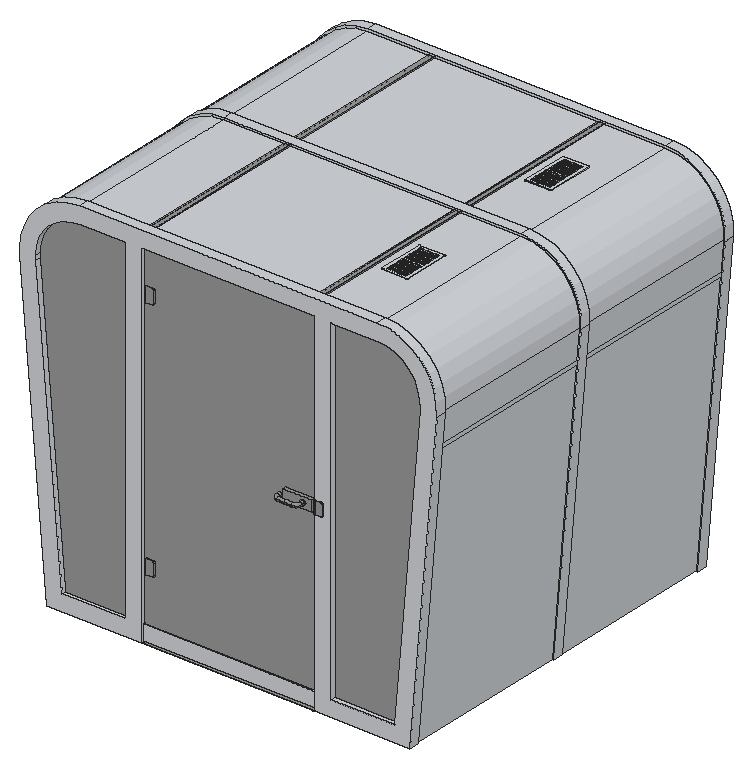
Revit family "Retreat 2.2 - Glass Back", category Generic Models, host Floor, Revit 2020 (continued)
Forms (mm)
  Extrusion 21, solid, material "Stainless Steel, Brushed"
    sketch origin (-356.84, -562.062, 13.524) x (1, 0, 0) y (0, 0, 1)
      loop
        line (-98.767, 435.453) -> (-134.017, 435.453)
        arc (-134.017, 435.453) -> (-135.431, 434.867) -> (-136.017, 433.453) r 2
        line (-136.017, 433.453) -> (-136.017, 351.453)
        arc (-136.017, 351.453) -> (-135.431, 350.039) -> (-134.017, 349.453) r 2
        line (-134.017, 349.453) -> (-98.767, 349.453)
        arc (-98.767, 349.453) -> (-91.696, 352.382) -> (-88.767, 359.453) r 10
        line (-88.767, 359.453) -> (-88.767, 425.453)
        arc (-88.767, 425.453) -> (-91.696, 432.524) -> (-98.767, 435.453) r 10
      loop
        line (-98.767, 1870.453) -> (-134.017, 1870.453)
        arc (-134.017, 1870.453) -> (-135.431, 1869.867) -> (-136.017, 1868.453) r 2
        line (-136.017, 1868.453) -> (-136.017, 1786.453)
        arc (-136.017, 1786.453) -> (-135.431, 1785.039) -> (-134.017, 1784.453) r 2
        line (-134.017, 1784.453) -> (-98.767, 1784.453)
        arc (-98.767, 1784.453) -> (-91.696, 1787.382) -> (-88.767, 1794.453) r 10
        line (-88.767, 1794.453) -> (-88.767, 1860.453)
        arc (-88.767, 1860.453) -> (-91.696, 1867.524) -> (-98.767, 1870.453) r 10
    from 509.438 to 516.938
  Extrusion 22, solid, material "Stainless Steel, Brushed"
    sketch origin (-356.84, -562.062, 13.524) x (1, 0, 0) y (0, 0, 1)
      loop
        line (-131.767, 1868.453) -> (-131.767, 1786.453)
        arc (-131.767, 1786.453) -> (-131.181, 1785.039) -> (-129.767, 1784.453) r 2
        line (-129.767, 1784.453) -> (-98.767, 1784.453)
        arc (-98.767, 1784.453) -> (-91.696, 1787.382) -> (-88.767, 1794.453) r 10
        line (-88.767, 1794.453) -> (-88.767, 1860.453)
        arc (-88.767, 1860.453) -> (-91.696, 1867.524) -> (-98.767, 1870.453) r 10
        line (-98.767, 1870.453) -> (-129.767, 1870.453)
        arc (-129.767, 1870.453) -> (-131.181, 1869.867) -> (-131.767, 1868.453) r 2
      loop
        line (-98.767, 435.453) -> (-129.767, 435.453)
        arc (-129.767, 435.453) -> (-131.181, 434.867) -> (-131.767, 433.453) r 2
        line (-131.767, 433.453) -> (-131.767, 351.453)
        arc (-131.767, 351.453) -> (-131.181, 350.039) -> (-129.767, 349.453) r 2
        line (-129.767, 349.453) -> (-98.767, 349.453)
        arc (-98.767, 349.453) -> (-91.696, 352.382) -> (-88.767, 359.453) r 10
        line (-88.767, 359.453) -> (-88.767, 425.453)
        arc (-88.767, 425.453) -> (-91.696, 432.524) -> (-98.767, 435.453) r 10
    from 493.938 to 501.438
  Extrusion 23, solid, material "Stainless Steel, Brushed"
    sketch origin (-170.775, -530, 13.524) x (1, 0, 0) y (0, 0, 1)
      loop
        line (493.614, 1094.953) -> (493.614, 1031.953)
        arc (493.614, 1031.953) -> (494.2, 1030.539) -> (495.614, 1029.953) r 2
        line (495.614, 1029.953) -> (663.284, 1029.953)
        arc (663.284, 1029.953) -> (664.698, 1030.539) -> (665.284, 1031.953) r 2
        line (665.284, 1031.953) -> (665.284, 1094.778)
        arc (665.284, 1094.778) -> (664.766, 1096.304) -> (663.291, 1096.953) r 2
        line (663.291, 1096.953) -> (495.614, 1096.953)
        arc (495.614, 1096.953) -> (494.2, 1096.367) -> (493.614, 1094.953) r 2
    from 541.5 to 562.5
  Extrusion 24, solid, material "Stainless Steel, Brushed"
    sketch origin (-169.884, -1090.5, 13.524) x (1, 0, 0) y (0, 0, 1)
      loop
        arc (635.614, 1092.453) -> (634.296, 1095.635) -> (631.114, 1096.953) r 4.5
        line (631.114, 1096.953) -> (497.223, 1096.953)
        arc (497.223, 1096.953) -> (494.041, 1095.635) -> (492.723, 1092.453) r 4.5
        line (492.723, 1092.453) -> (492.723, 1034.453)
        arc (492.723, 1034.453) -> (494.041, 1031.271) -> (497.223, 1029.953) r 4.5
        line (497.223, 1029.953) -> (631.114, 1029.953)
        arc (631.114, 1029.953) -> (634.296, 1031.271) -> (635.614, 1034.453) r 4.5
        line (635.614, 1034.453) -> (635.614, 1092.453)
    from -36 to -27
  Extrusion 25, solid, material "Stainless Steel, Brushed"
    sketch origin (-165.813, -1092.5, 13.524) x (1, 0, 0) y (0, 0, 1)
      loop
        circle (607.064, 1063.453) r 14.5
    from 0 to 3
  Extrusion 26, solid, material "Stainless Steel, Brushed"
    sketch origin (-165.813, -1054.5, 13.524) x (1, 0, 0) y (0, 0, -1)
      loop
        circle (607.064, -1063.453) r 14.5
    from 0 to 3
  Sweep 27, solid, material "Stainless Steel, Brushed"
    path origin (-60.138, -530, 0) x (1, 0, 0) y (0, 1, 0)
      loop
        line (381.507, -567.5) -> (381.507, -585.564)
        arc (381.507, -585.564) -> (384.944, -593.861) -> (393.24, -597.297) r 11.733
        line (393.24, -597.297) -> (436.507, -597.297) -> (479.774, -597.297)
        arc (479.774, -597.297) -> (488.071, -593.861) -> (491.507, -585.564) r 11.733
        line (491.507, -585.564) -> (491.507, -565.5)
    profile origin (321.369, -1106.532, 0) x (1, 0, 0) y (0, 0, 1)
      loop
        circle (-10, 1077.351) r 10
  Sweep 28, solid, material "Stainless Steel, Brushed"
    path origin (-60.138, -1605, 0) x (1, 0, 0) y (0, -1, 0)
      loop
        line (381.507, -567.5) -> (381.507, -585.564)
        arc (381.507, -585.564) -> (384.944, -593.861) -> (393.24, -597.297) r 11.733
        line (393.24, -597.297) -> (436.507, -597.297) -> (479.774, -597.297)
        arc (479.774, -597.297) -> (488.071, -593.861) -> (491.507, -585.564) r 11.733
        line (491.507, -585.564) -> (491.507, -565.5)
    profile origin (321.369, -1028.468, 0) x (-1, 0, 0) y (0, 0, 1)
      loop
        circle (10, 1077.351) r 10
  Extrusion 29, solid, material "Stainless Steel, Brushed"
    sketch origin (-165.695, -1092.5, 1090.874) x (1, 0, 0) y (0, 0, 1)
      loop
        circle (607.064, -13.524) r 10
    from -53 to -41
  Extrusion 30, solid, material "Stainless Steel, Brushed"
    sketch origin (0, 0, 0) x (1, 0, 0) y (0, 0, 1)
      loop
        line (-510, 0) -> (510, 0) -> (510, 2) -> (-510, 2) -> (-510, 0)
    from 1030 to 1090
  Extrusion 31, solid
    sketch origin (777.625, 529.9, 0) x (1, 0, 0) y (0, 1, 0)
      loop
        line (-66.5, 143) -> (-212.5, 143)
        arc (-212.5, 143) -> (-216.036, 141.536) -> (-217.5, 138) r 5
        line (-217.5, 138) -> (-217.5, -134.9)
        arc (-217.5, -134.9) -> (-216.036, -138.436) -> (-212.5, -139.9) r 5
        line (-212.5, -139.9) -> (-66.5, -139.9)
        arc (-66.5, -139.9) -> (-62.964, -138.436) -> (-61.5, -134.9) r 5
        line (-61.5, -134.9) -> (-61.5, 138)
        arc (-61.5, 138) -> (-62.964, 141.536) -> (-66.5, 143) r 5
      loop
        line (-196.5, -90) -> (-196.5, -120)
        arc (-196.5, -120) -> (-195.914, -121.414) -> (-194.5, -122) r 2
        arc (-194.5, -122) -> (-193.086, -121.414) -> (-192.5, -120) r 2
        line (-192.5, -120) -> (-192.5, -90)
        arc (-192.5, -90) -> (-194.5, -88) -> (-196.5, -90) r 2
      loop
        line (-185.5, -90) -> (-185.5, -120)
        arc (-185.5, -120) -> (-184.914, -121.414) -> (-183.5, -122) r 2
        arc (-183.5, -122) -> (-182.086, -121.414) -> (-181.5, -120) r 2
        line (-181.5, -120) -> (-181.5, -90)
        arc (-181.5, -90) -> (-183.5, -88) -> (-185.5, -90) r 2
      loop
        line (-174.5, -90) -> (-174.5, -120)
        arc (-174.5, -120) -> (-173.914, -121.414) -> (-172.5, -122) r 2
        arc (-172.5, -122) -> (-171.086, -121.414) -> (-170.5, -120) r 2
        line (-170.5, -120) -> (-170.5, -90)
        arc (-170.5, -90) -> (-172.5, -88) -> (-174.5, -90) r 2
      loop
        line (-163.5, -90) -> (-163.5, -120)
        arc (-163.5, -120) -> (-162.914, -121.414) -> (-161.5, -122) r 2
        arc (-161.5, -122) -> (-160.086, -121.414) -> (-159.5, -120) r 2
        line (-159.5, -120) -> (-159.5, -90)
        arc (-159.5, -90) -> (-161.5, -88) -> (-163.5, -90) r 2
      loop
        line (-152.5, -90) -> (-152.5, -120)
        arc (-152.5, -120) -> (-151.914, -121.414) -> (-150.5, -122) r 2
        arc (-150.5, -122) -> (-149.086, -121.414) -> (-148.5, -120) r 2
        line (-148.5, -120) -> (-148.5, -90)
        arc (-148.5, -90) -> (-150.5, -88) -> (-152.5, -90) r 2
      loop
        line (-141.5, -90) -> (-141.5, -120)
        arc (-141.5, -120) -> (-140.914, -121.414) -> (-139.5, -122) r 2
        arc (-139.5, -122) -> (-138.086, -121.414) -> (-137.5, -120) r 2
        line (-137.5, -120) -> (-137.5, -90)
        arc (-137.5, -90) -> (-139.5, -88) -> (-141.5, -90) r 2
      loop
        line (-130.5, -90) -> (-130.5, -120)
        arc (-130.5, -120) -> (-129.914, -121.414) -> (-128.5, -122) r 2
        arc (-128.5, -122) -> (-127.086, -121.414) -> (-126.5, -120) r 2
        line (-126.5, -120) -> (-126.5, -90)
        arc (-126.5, -90) -> (-128.5, -88) -> (-130.5, -90) r 2
      loop
        line (-119.5, -90) -> (-119.5, -120)
        arc (-119.5, -120) -> (-118.914, -121.414) -> (-117.5, -122) r 2
        arc (-117.5, -122) -> (-116.086, -121.414) -> (-115.5, -120) r 2
        line (-115.5, -120) -> (-115.5, -90)
        arc (-115.5, -90) -> (-117.5, -88) -> (-119.5, -90) r 2
      loop
        line (-108.5, -90) -> (-108.5, -120)
        arc (-108.5, -120) -> (-107.914, -121.414) -> (-106.5, -122) r 2
        arc (-106.5, -122) -> (-105.086, -121.414) -> (-104.5, -120) r 2
        line (-104.5, -120) -> (-104.5, -90)
        arc (-104.5, -90) -> (-106.5, -88) -> (-108.5, -90) r 2
      loop
        line (-97.5, -90) -> (-97.5, -120)
        arc (-97.5, -120) -> (-96.914, -121.414) -> (-95.5, -122) r 2
        arc (-95.5, -122) -> (-94.086, -121.414) -> (-93.5, -120) r 2
        line (-93.5, -120) -> (-93.5, -90)
        arc (-93.5, -90) -> (-95.5, -88) -> (-97.5, -90) r 2
      loop
        line (-86.5, -90) -> (-86.5, -120)
        arc (-86.5, -120) -> (-85.914, -121.414) -> (-84.5, -122) r 2
        arc (-84.5, -122) -> (-83.086, -121.414) -> (-82.5, -120) r 2
        line (-82.5, -120) -> (-82.5, -90)
        arc (-82.5, -90) -> (-84.5, -88) -> (-86.5, -90) r 2
      loop
        line (-82.5, -80) -> (-82.5, -50)
        arc (-82.5, -50) -> (-84.5, -48) -> (-86.5, -50) r 2
        line (-86.5, -50) -> (-86.5, -80)
        arc (-86.5, -80) -> (-85.914, -81.414) -> (-84.5, -82) r 2
        arc (-84.5, -82) -> (-83.086, -81.414) -> (-82.5, -80) r 2
      loop
        line (-93.5, -80) -> (-93.5, -50)
        arc (-93.5, -50) -> (-95.5, -48) -> (-97.5, -50) r 2
        line (-97.5, -50) -> (-97.5, -80)
        arc (-97.5, -80) -> (-96.914, -81.414) -> (-95.5, -82) r 2
        arc (-95.5, -82) -> (-94.086, -81.414) -> (-93.5, -80) r 2
      loop
        line (-104.5, -80) -> (-104.5, -50)
        arc (-104.5, -50) -> (-106.5, -48) -> (-108.5, -50) r 2
        line (-108.5, -50) -> (-108.5, -80)
        arc (-108.5, -80) -> (-107.914, -81.414) -> (-106.5, -82) r 2
        arc (-106.5, -82) -> (-105.086, -81.414) -> (-104.5, -80) r 2
      loop
        line (-115.5, -80) -> (-115.5, -50)
        arc (-115.5, -50) -> (-117.5, -48) -> (-119.5, -50) r 2
        line (-119.5, -50) -> (-119.5, -80)
        arc (-119.5, -80) -> (-118.914, -81.414) -> (-117.5, -82) r 2
        arc (-117.5, -82) -> (-116.086, -81.414) -> (-115.5, -80) r 2
      loop
        line (-126.5, -80) -> (-126.5, -50)
        arc (-126.5, -50) -> (-128.5, -48) -> (-130.5, -50) r 2
        line (-130.5, -50) -> (-130.5, -80)
        arc (-130.5, -80) -> (-129.914, -81.414) -> (-128.5, -82) r 2
        arc (-128.5, -82) -> (-127.086, -81.414) -> (-126.5, -80) r 2
      loop
        line (-137.5, -80) -> (-137.5, -50)
        arc (-137.5, -50) -> (-139.5, -48) -> (-141.5, -50) r 2
        line (-141.5, -50) -> (-141.5, -80)
        arc (-141.5, -80) -> (-140.914, -81.414) -> (-139.5, -82) r 2
        arc (-139.5, -82) -> (-138.086, -81.414) -> (-137.5, -80) r 2
      loop
        line (-148.5, -80) -> (-148.5, -50)
        arc (-148.5, -50) -> (-150.5, -48) -> (-152.5, -50) r 2
        line (-152.5, -50) -> (-152.5, -80)
        arc (-152.5, -80) -> (-151.914, -81.414) -> (-150.5, -82) r 2
        arc (-150.5, -82) -> (-149.086, -81.414) -> (-148.5, -80) r 2
      loop
        line (-159.5, -80) -> (-159.5, -50)
        arc (-159.5, -50) -> (-161.5, -48) -> (-163.5, -50) r 2
        line (-163.5, -50) -> (-163.5, -80)
        arc (-163.5, -80) -> (-162.914, -81.414) -> (-161.5, -82) r 2
        arc (-161.5, -82) -> (-160.086, -81.414) -> (-159.5, -80) r 2
      loop
        line (-170.5, -80) -> (-170.5, -50)
        arc (-170.5, -50) -> (-172.5, -48) -> (-174.5, -50) r 2
        line (-174.5, -50) -> (-174.5, -80)
        arc (-174.5, -80) -> (-173.914, -81.414) -> (-172.5, -82) r 2
        arc (-172.5, -82) -> (-171.086, -81.414) -> (-170.5, -80) r 2
      loop
        line (-181.5, -80) -> (-181.5, -50)
        arc (-181.5, -50) -> (-183.5, -48) -> (-185.5, -50) r 2
        line (-185.5, -50) -> (-185.5, -80)
        arc (-185.5, -80) -> (-184.914, -81.414) -> (-183.5, -82) r 2
        arc (-183.5, -82) -> (-182.086, -81.414) -> (-181.5, -80) r 2
      loop
        line (-192.5, -80) -> (-192.5, -50)
        arc (-192.5, -50) -> (-194.5, -48) -> (-196.5, -50) r 2
        line (-196.5, -50) -> (-196.5, -80)
        arc (-196.5, -80) -> (-195.914, -81.414) -> (-194.5, -82) r 2
        arc (-194.5, -82) -> (-193.086, -81.414) -> (-192.5, -80) r 2
      loop
        line (-196.5, -10) -> (-196.5, -40)
        arc (-196.5, -40) -> (-195.914, -41.414) -> (-194.5, -42) r 2
        arc (-194.5, -42) -> (-193.086, -41.414) -> (-192.5, -40) r 2
        line (-192.5, -40) -> (-192.5, -10)
        arc (-192.5, -10) -> (-194.5, -8) -> (-196.5, -10) r 2
      loop
        line (-185.5, -10) -> (-185.5, -40)
        arc (-185.5, -40) -> (-184.914, -41.414) -> (-183.5, -42) r 2
        arc (-183.5, -42) -> (-182.086, -41.414) -> (-181.5, -40) r 2
        line (-181.5, -40) -> (-181.5, -10)
        arc (-181.5, -10) -> (-183.5, -8) -> (-185.5, -10) r 2
      loop
        line (-174.5, -10) -> (-174.5, -40)
        arc (-174.5, -40) -> (-172.5, -42) -> (-170.5, -40) r 2
        line (-170.5, -40) -> (-170.5, -10)
        arc (-170.5, -10) -> (-172.5, -8) -> (-174.5, -10) r 2
      loop
        line (-163.5, -10) -> (-163.5, -40)
        arc (-163.5, -40) -> (-162.914, -41.414) -> (-161.5, -42) r 2
        arc (-161.5, -42) -> (-160.086, -41.414) -> (-159.5, -40) r 2
        line (-159.5, -40) -> (-159.5, -10)
        arc (-159.5, -10) -> (-161.5, -8) -> (-163.5, -10) r 2
      loop
        line (-152.5, -10) -> (-152.5, -40)
        arc (-152.5, -40) -> (-151.914, -41.414) -> (-150.5, -42) r 2
        arc (-150.5, -42) -> (-149.086, -41.414) -> (-148.5, -40) r 2
        line (-148.5, -40) -> (-148.5, -10)
        arc (-148.5, -10) -> (-150.5, -8) -> (-152.5, -10) r 2
      loop
        line (-141.5, -10) -> (-141.5, -40)
        arc (-141.5, -40) -> (-140.914, -41.414) -> (-139.5, -42) r 2
        arc (-139.5, -42) -> (-138.086, -41.414) -> (-137.5, -40) r 2
        line (-137.5, -40) -> (-137.5, -10)
        arc (-137.5, -10) -> (-139.5, -8) -> (-141.5, -10) r 2
      loop
        line (-130.5, -10) -> (-130.5, -40)
        arc (-130.5, -40) -> (-129.914, -41.414) -> (-128.5, -42) r 2
        arc (-128.5, -42) -> (-127.086, -41.414) -> (-126.5, -40) r 2
        line (-126.5, -40) -> (-126.5, -10)
        arc (-126.5, -10) -> (-128.5, -8) -> (-130.5, -10) r 2
      loop
        line (-119.5, -10) -> (-119.5, -40)
        arc (-119.5, -40) -> (-118.914, -41.414) -> (-117.5, -42) r 2
        arc (-117.5, -42) -> (-116.086, -41.414) -> (-115.5, -40) r 2
        line (-115.5, -40) -> (-115.5, -10)
        arc (-115.5, -10) -> (-117.5, -8) -> (-119.5, -10) r 2
      loop
        line (-108.5, -10) -> (-108.5, -40)
        arc (-108.5, -40) -> (-107.914, -41.414) -> (-106.5, -42) r 2
        arc (-106.5, -42) -> (-105.086, -41.414) -> (-104.5, -40) r 2
        line (-104.5, -40) -> (-104.5, -10)
        arc (-104.5, -10) -> (-106.5, -8) -> (-108.5, -10) r 2
      loop
        line (-97.5, -10) -> (-97.5, -40)
        arc (-97.5, -40) -> (-96.914, -41.414) -> (-95.5, -42) r 2
        arc (-95.5, -42) -> (-94.086, -41.414) -> (-93.5, -40) r 2
        line (-93.5, -40) -> (-93.5, -10)
        arc (-93.5, -10) -> (-95.5, -8) -> (-97.5, -10) r 2
      loop
        line (-86.5, -10) -> (-86.5, -40)
        arc (-86.5, -40) -> (-85.914, -41.414) -> (-84.5, -42) r 2
        arc (-84.5, -42) -> (-83.086, -41.414) -> (-82.5, -40) r 2
        line (-82.5, -40) -> (-82.5, -10)
        arc (-82.5, -10) -> (-84.5, -8) -> (-86.5, -10) r 2
      loop
        line (-82.5, 10) -> (-82.5, 40)
        arc (-82.5, 40) -> (-84.5, 42) -> (-86.5, 40) r 2
        line (-86.5, 40) -> (-86.5, 10)
        arc (-86.5, 10) -> (-85.914, 8.586) -> (-84.5, 8) r 2
        arc (-84.5, 8) -> (-83.086, 8.586) -> (-82.5, 10) r 2
      loop
        line (-93.5, 10) -> (-93.5, 40)
        arc (-93.5, 40) -> (-95.5, 42) -> (-97.5, 40) r 2
        line (-97.5, 40) -> (-97.5, 10)
        arc (-97.5, 10) -> (-96.914, 8.586) -> (-95.5, 8) r 2
        arc (-95.5, 8) -> (-94.086, 8.586) -> (-93.5, 10) r 2
      loop
        line (-104.5, 10) -> (-104.5, 40)
        arc (-104.5, 40) -> (-106.5, 42) -> (-108.5, 40) r 2
        line (-108.5, 40) -> (-108.5, 10)
        arc (-108.5, 10) -> (-107.914, 8.586) -> (-106.5, 8) r 2
        arc (-106.5, 8) -> (-105.086, 8.586) -> (-104.5, 10) r 2
      loop
        line (-115.5, 10) -> (-115.5, 40)
        arc (-115.5, 40) -> (-117.5, 42) -> (-119.5, 40) r 2
        line (-119.5, 40) -> (-119.5, 10)
        arc (-119.5, 10) -> (-118.914, 8.586) -> (-117.5, 8) r 2
        arc (-117.5, 8) -> (-116.086, 8.586) -> (-115.5, 10) r 2
      loop
        line (-130.5, 40) -> (-130.5, 10)
        arc (-130.5, 10) -> (-129.914, 8.586) -> (-128.5, 8) r 2
        arc (-128.5, 8) -> (-127.086, 8.586) -> (-126.5, 10) r 2
        line (-126.5, 10) -> (-126.5, 40)
        arc (-126.5, 40) -> (-128.5, 42) -> (-130.5, 40) r 2
      loop
        line (-137.5, 10) -> (-137.5, 40)
        arc (-137.5, 40) -> (-139.5, 42) -> (-141.5, 40) r 2
        line (-141.5, 40) -> (-141.5, 10)
        arc (-141.5, 10) -> (-140.914, 8.586) -> (-139.5, 8) r 2
        arc (-139.5, 8) -> (-138.086, 8.586) -> (-137.5, 10) r 2
      loop
        line (-148.5, 10) -> (-148.5, 40)
        arc (-148.5, 40) -> (-150.5, 42) -> (-152.5, 40) r 2
        line (-152.5, 40) -> (-152.5, 10)
        arc (-152.5, 10) -> (-151.914, 8.586) -> (-150.5, 8) r 2
        arc (-150.5, 8) -> (-149.086, 8.586) -> (-148.5, 10) r 2
      loop
        line (-159.5, 10) -> (-159.5, 40)
        arc (-159.5, 40) -> (-161.5, 42) -> (-163.5, 40) r 2
        line (-163.5, 40) -> (-163.5, 10)
        arc (-163.5, 10) -> (-162.914, 8.586) -> (-161.5, 8) r 2
        arc (-161.5, 8) -> (-160.086, 8.586) -> (-159.5, 10) r 2
      loop
        line (-170.5, 10) -> (-170.5, 40)
        arc (-170.5, 40) -> (-172.5, 42) -> (-174.5, 40) r 2
        line (-174.5, 40) -> (-174.5, 10)
        arc (-174.5, 10) -> (-173.914, 8.586) -> (-172.5, 8) r 2
        arc (-172.5, 8) -> (-171.086, 8.586) -> (-170.5, 10) r 2
      loop
        line (-181.5, 10) -> (-181.5, 40)
        arc (-181.5, 40) -> (-183.5, 42) -> (-185.5, 40) r 2
        line (-185.5, 40) -> (-185.5, 10)
        arc (-185.5, 10) -> (-184.914, 8.586) -> (-183.5, 8) r 2
        arc (-183.5, 8) -> (-182.086, 8.586) -> (-181.5, 10) r 2
      loop
        line (-192.5, 10) -> (-192.5, 40)
        arc (-192.5, 40) -> (-194.5, 42) -> (-196.5, 40) r 2
        line (-196.5, 40) -> (-196.5, 10)
        arc (-196.5, 10) -> (-195.914, 8.586) -> (-194.5, 8) r 2
        arc (-194.5, 8) -> (-193.086, 8.586) -> (-192.5, 10) r 2
      loop
        line (-196.5, 80) -> (-196.5, 50)
        arc (-196.5, 50) -> (-195.914, 48.586) -> (-194.5, 48) r 2
        arc (-194.5, 48) -> (-193.086, 48.586) -> (-192.5, 50) r 2
        line (-192.5, 50) -> (-192.5, 80)
        arc (-192.5, 80) -> (-194.5, 82) -> (-196.5, 80) r 2
      loop
        line (-185.5, 80) -> (-185.5, 50)
        arc (-185.5, 50) -> (-184.914, 48.586) -> (-183.5, 48) r 2
        arc (-183.5, 48) -> (-182.086, 48.586) -> (-181.5, 50) r 2
        line (-181.5, 50) -> (-181.5, 80)
        arc (-181.5, 80) -> (-183.5, 82) -> (-185.5, 80) r 2
      loop
        line (-174.5, 80) -> (-174.5, 50)
        arc (-174.5, 50) -> (-173.914, 48.586) -> (-172.5, 48) r 2
        arc (-172.5, 48) -> (-171.086, 48.586) -> (-170.5, 50) r 2
        line (-170.5, 50) -> (-170.5, 80)
        arc (-170.5, 80) -> (-172.5, 82) -> (-174.5, 80) r 2
      loop
        line (-163.5, 80) -> (-163.5, 50)
        arc (-163.5, 50) -> (-162.914, 48.586) -> (-161.5, 48) r 2
        arc (-161.5, 48) -> (-160.086, 48.586) -> (-159.5, 50) r 2
        line (-159.5, 50) -> (-159.5, 80)
        arc (-159.5, 80) -> (-161.5, 82) -> (-163.5, 80) r 2
      loop
        line (-152.5, 80) -> (-152.5, 50)
        arc (-152.5, 50) -> (-151.914, 48.586) -> (-150.5, 48) r 2
        arc (-150.5, 48) -> (-149.086, 48.586) -> (-148.5, 50) r 2
        line (-148.5, 50) -> (-148.5, 80)
        arc (-148.5, 80) -> (-150.5, 82) -> (-152.5, 80) r 2
      loop
        line (-141.5, 80) -> (-141.5, 50)
        arc (-141.5, 50) -> (-140.914, 48.586) -> (-139.5, 48) r 2
        arc (-139.5, 48) -> (-138.086, 48.586) -> (-137.5, 50) r 2
        line (-137.5, 50) -> (-137.5, 80)
        arc (-137.5, 80) -> (-139.5, 82) -> (-141.5, 80) r 2
      loop
        line (-130.5, 80) -> (-130.5, 50)
        arc (-130.5, 50) -> (-129.914, 48.586) -> (-128.5, 48) r 2
        arc (-128.5, 48) -> (-127.086, 48.586) -> (-126.5, 50) r 2
        line (-126.5, 50) -> (-126.5, 80)
        arc (-126.5, 80) -> (-128.5, 82) -> (-130.5, 80) r 2
      loop
        line (-119.5, 80) -> (-119.5, 50)
        arc (-119.5, 50) -> (-118.914, 48.586) -> (-117.5, 48) r 2
        arc (-117.5, 48) -> (-116.086, 48.586) -> (-115.5, 50) r 2
        line (-115.5, 50) -> (-115.5, 80)
        arc (-115.5, 80) -> (-117.5, 82) -> (-119.5, 80) r 2
      loop
        line (-108.5, 80) -> (-108.5, 50)
        arc (-108.5, 50) -> (-107.914, 48.586) -> (-106.5, 48) r 2
        arc (-106.5, 48) -> (-105.086, 48.586) -> (-104.5, 50) r 2
        line (-104.5, 50) -> (-104.5, 80)
        arc (-104.5, 80) -> (-106.5, 82) -> (-108.5, 80) r 2
      loop
        line (-97.5, 80) -> (-97.5, 50)
        arc (-97.5, 50) -> (-96.914, 48.586) -> (-95.5, 48) r 2
        arc (-95.5, 48) -> (-94.086, 48.586) -> (-93.5, 50) r 2
        line (-93.5, 50) -> (-93.5, 80)
        arc (-93.5, 80) -> (-95.5, 82) -> (-97.5, 80) r 2
      loop
        line (-86.5, 80) -> (-86.5, 50)
        arc (-86.5, 50) -> (-85.914, 48.586) -> (-84.5, 48) r 2
        arc (-84.5, 48) -> (-83.086, 48.586) -> (-82.5, 50) r 2
        line (-82.5, 50) -> (-82.5, 80)
        arc (-82.5, 80) -> (-84.5, 82) -> (-86.5, 80) r 2
      loop
        line (-82.5, 90) -> (-82.5, 120)
        arc (-82.5, 120) -> (-84.5, 122) -> (-86.5, 120) r 2
        line (-86.5, 120) -> (-86.5, 90)
        arc (-86.5, 90) -> (-85.914, 88.586) -> (-84.5, 88) r 2
        arc (-84.5, 88) -> (-83.086, 88.586) -> (-82.5, 90) r 2
      loop
        line (-93.5, 90) -> (-93.5, 120)
        arc (-93.5, 120) -> (-95.5, 122) -> (-97.5, 120) r 2
        line (-97.5, 120) -> (-97.5, 90)
        arc (-97.5, 90) -> (-96.914, 88.586) -> (-95.5, 88) r 2
        arc (-95.5, 88) -> (-94.086, 88.586) -> (-93.5, 90) r 2
      loop
        line (-104.5, 90) -> (-104.5, 120)
        arc (-104.5, 120) -> (-106.5, 122) -> (-108.5, 120) r 2
        line (-108.5, 120) -> (-108.5, 90)
        arc (-108.5, 90) -> (-107.914, 88.586) -> (-106.5, 88) r 2
        arc (-106.5, 88) -> (-105.086, 88.586) -> (-104.5, 90) r 2
      loop
        line (-115.5, 90) -> (-115.5, 120)
        arc (-115.5, 120) -> (-117.5, 122) -> (-119.5, 120) r 2
        line (-119.5, 120) -> (-119.5, 90)
        arc (-119.5, 90) -> (-118.914, 88.586) -> (-117.5, 88) r 2
        arc (-117.5, 88) -> (-116.086, 88.586) -> (-115.5, 90) r 2
      loop
        line (-126.5, 90) -> (-126.5, 120)
        arc (-126.5, 120) -> (-128.5, 122) -> (-130.5, 120) r 2
        line (-130.5, 120) -> (-130.5, 90)
        arc (-130.5, 90) -> (-129.914, 88.586) -> (-128.5, 88) r 2
        arc (-128.5, 88) -> (-127.086, 88.586) -> (-126.5, 90) r 2
      loop
        line (-137.5, 90) -> (-137.5, 120)
        arc (-137.5, 120) -> (-139.5, 122) -> (-141.5, 120) r 2
        line (-141.5, 120) -> (-141.5, 90)
        arc (-141.5, 90) -> (-140.914, 88.586) -> (-139.5, 88) r 2
        arc (-139.5, 88) -> (-138.086, 88.586) -> (-137.5, 90) r 2
      loop
        line (-148.5, 90) -> (-148.5, 120)
        arc (-148.5, 120) -> (-150.5, 122) -> (-152.5, 120) r 2
        line (-152.5, 120) -> (-152.5, 90)
        arc (-152.5, 90) -> (-151.914, 88.586) -> (-150.5, 88) r 2
        arc (-150.5, 88) -> (-149.086, 88.586) -> (-148.5, 90) r 2
      loop
        line (-159.5, 90) -> (-159.5, 120)
        arc (-159.5, 120) -> (-161.5, 122) -> (-163.5, 120) r 2
        line (-163.5, 120) -> (-163.5, 90)
        arc (-163.5, 90) -> (-162.914, 88.586) -> (-161.5, 88) r 2
        arc (-161.5, 88) -> (-160.086, 88.586) -> (-159.5, 90) r 2
      loop
        line (-170.5, 90) -> (-170.5, 120)
        arc (-170.5, 120) -> (-172.5, 122) -> (-174.5, 120) r 2
        line (-174.5, 120) -> (-174.5, 90)
        arc (-174.5, 90) -> (-173.914, 88.586) -> (-172.5, 88) r 2
        arc (-172.5, 88) -> (-171.086, 88.586) -> (-170.5, 90) r 2
      loop
        line (-181.5, 90) -> (-181.5, 120)
        arc (-181.5, 120) -> (-183.5, 122) -> (-185.5, 120) r 2
        line (-185.5, 120) -> (-185.5, 90)
        arc (-185.5, 90) -> (-184.914, 88.586) -> (-183.5, 88) r 2
        arc (-183.5, 88) -> (-182.086, 88.586) -> (-181.5, 90) r 2
      loop
        line (-192.5, 90) -> (-192.5, 120)
        arc (-192.5, 120) -> (-194.5, 122) -> (-196.5, 120) r 2
        line (-196.5, 120) -> (-196.5, 90)
        arc (-196.5, 90) -> (-195.914, 88.586) -> (-194.5, 88) r 2
        arc (-194.5, 88) -> (-193.086, 88.586) -> (-192.5, 90) r 2
    from 2167.91 to 2169.51
  Extrusion 32, solid
    sketch origin (1076.095, 533, 486.603) x (-0.087156, 0, 0.996195) y (0, 1, 0)
      loop
        line (-66.5, 143) -> (-212.5, 143)
        arc (-212.5, 143) -> (-216.036, 141.536) -> (-217.5, 138) r 5
        line (-217.5, 138) -> (-217.5, -138)
        arc (-217.5, -138) -> (-216.036, -141.536) -> (-212.5, -143) r 5
        line (-212.5, -143) -> (-66.5, -143)
        arc (-66.5, -143) -> (-62.964, -141.536) -> (-61.5, -138) r 5
        line (-61.5, -138) -> (-61.5, 138)
        arc (-61.5, 138) -> (-62.964, 141.536) -> (-66.5, 143) r 5
      loop
        line (-196.5, -90) -> (-196.5, -120)
        arc (-196.5, -120) -> (-195.914, -121.414) -> (-194.5, -122) r 2
        arc (-194.5, -122) -> (-193.086, -121.414) -> (-192.5, -120) r 2
        line (-192.5, -120) -> (-192.5, -90)
        arc (-192.5, -90) -> (-194.5, -88) -> (-196.5, -90) r 2
      loop
        line (-185.5, -90) -> (-185.5, -120)
        arc (-185.5, -120) -> (-184.914, -121.414) -> (-183.5, -122) r 2
        arc (-183.5, -122) -> (-182.086, -121.414) -> (-181.5, -120) r 2
        line (-181.5, -120) -> (-181.5, -90)
        arc (-181.5, -90) -> (-183.5, -88) -> (-185.5, -90) r 2
      loop
        line (-174.5, -90) -> (-174.5, -120)
        arc (-174.5, -120) -> (-173.914, -121.414) -> (-172.5, -122) r 2
        arc (-172.5, -122) -> (-171.086, -121.414) -> (-170.5, -120) r 2
        line (-170.5, -120) -> (-170.5, -90)
        arc (-170.5, -90) -> (-172.5, -88) -> (-174.5, -90) r 2
      loop
        line (-163.5, -90) -> (-163.5, -120)
        arc (-163.5, -120) -> (-162.914, -121.414) -> (-161.5, -122) r 2
        arc (-161.5, -122) -> (-160.086, -121.414) -> (-159.5, -120) r 2
        line (-159.5, -120) -> (-159.5, -90)
        arc (-159.5, -90) -> (-161.5, -88) -> (-163.5, -90) r 2
      loop
        line (-152.5, -90) -> (-152.5, -120)
        arc (-152.5, -120) -> (-151.914, -121.414) -> (-150.5, -122) r 2
        arc (-150.5, -122) -> (-149.086, -121.414) -> (-148.5, -120) r 2
        line (-148.5, -120) -> (-148.5, -90)
        arc (-148.5, -90) -> (-150.5, -88) -> (-152.5, -90) r 2
      loop
        line (-141.5, -90) -> (-141.5, -120)
        arc (-141.5, -120) -> (-140.914, -121.414) -> (-139.5, -122) r 2
        arc (-139.5, -122) -> (-138.086, -121.414) -> (-137.5, -120) r 2
        line (-137.5, -120) -> (-137.5, -90)
        arc (-137.5, -90) -> (-139.5, -88) -> (-141.5, -90) r 2
      loop
        line (-130.5, -90) -> (-130.5, -120)
        arc (-130.5, -120) -> (-129.914, -121.414) -> (-128.5, -122) r 2
        arc (-128.5, -122) -> (-127.086, -121.414) -> (-126.5, -120) r 2
        line (-126.5, -120) -> (-126.5, -90)
        arc (-126.5, -90) -> (-128.5, -88) -> (-130.5, -90) r 2
      loop
        line (-119.5, -90) -> (-119.5, -120)
        arc (-119.5, -120) -> (-118.914, -121.414) -> (-117.5, -122) r 2
        arc (-117.5, -122) -> (-116.086, -121.414) -> (-115.5, -120) r 2
        line (-115.5, -120) -> (-115.5, -90)
        arc (-115.5, -90) -> (-117.5, -88) -> (-119.5, -90) r 2
      loop
        line (-108.5, -90) -> (-108.5, -120)
        arc (-108.5, -120) -> (-107.914, -121.414) -> (-106.5, -122) r 2
        arc (-106.5, -122) -> (-105.086, -121.414) -> (-104.5, -120) r 2
        line (-104.5, -120) -> (-104.5, -90)
        arc (-104.5, -90) -> (-106.5, -88) -> (-108.5, -90) r 2
      loop
        line (-97.5, -90) -> (-97.5, -120)
        arc (-97.5, -120) -> (-96.914, -121.414) -> (-95.5, -122) r 2
        arc (-95.5, -122) -> (-94.086, -121.414) -> (-93.5, -120) r 2
        line (-93.5, -120) -> (-93.5, -90)
        arc (-93.5, -90) -> (-95.5, -88) -> (-97.5, -90) r 2
      loop
        line (-86.5, -90) -> (-86.5, -120)
        arc (-86.5, -120) -> (-85.914, -121.414) -> (-84.5, -122) r 2
        arc (-84.5, -122) -> (-83.086, -121.414) -> (-82.5, -120) r 2
        line (-82.5, -120) -> (-82.5, -90)
        arc (-82.5, -90) -> (-84.5, -88) -> (-86.5, -90) r 2
      loop
        line (-82.5, -80) -> (-82.5, -50)
        arc (-82.5, -50) -> (-84.5, -48) -> (-86.5, -50) r 2
        line (-86.5, -50) -> (-86.5, -80)
        arc (-86.5, -80) -> (-85.914, -81.414) -> (-84.5, -82) r 2
        arc (-84.5, -82) -> (-83.086, -81.414) -> (-82.5, -80) r 2
      loop
        line (-93.5, -80) -> (-93.5, -50)
        arc (-93.5, -50) -> (-95.5, -48) -> (-97.5, -50) r 2
        line (-97.5, -50) -> (-97.5, -80)
        arc (-97.5, -80) -> (-96.914, -81.414) -> (-95.5, -82) r 2
        arc (-95.5, -82) -> (-94.086, -81.414) -> (-93.5, -80) r 2
      loop
        line (-104.5, -80) -> (-104.5, -50)
        arc (-104.5, -50) -> (-106.5, -48) -> (-108.5, -50) r 2
        line (-108.5, -50) -> (-108.5, -80)
        arc (-108.5, -80) -> (-107.914, -81.414) -> (-106.5, -82) r 2
        arc (-106.5, -82) -> (-105.086, -81.414) -> (-104.5, -80) r 2
      loop
        line (-115.5, -80) -> (-115.5, -50)
        arc (-115.5, -50) -> (-117.5, -48) -> (-119.5, -50) r 2
        line (-119.5, -50) -> (-119.5, -80)
        arc (-119.5, -80) -> (-118.914, -81.414) -> (-117.5, -82) r 2
        arc (-117.5, -82) -> (-116.086, -81.414) -> (-115.5, -80) r 2
      loop
        line (-126.5, -80) -> (-126.5, -50)
        arc (-126.5, -50) -> (-128.5, -48) -> (-130.5, -50) r 2
        line (-130.5, -50) -> (-130.5, -80)
        arc (-130.5, -80) -> (-129.914, -81.414) -> (-128.5, -82) r 2
        arc (-128.5, -82) -> (-127.086, -81.414) -> (-126.5, -80) r 2
      loop
        line (-137.5, -80) -> (-137.5, -50)
        arc (-137.5, -50) -> (-139.5, -48) -> (-141.5, -50) r 2
        line (-141.5, -50) -> (-141.5, -80)
        arc (-141.5, -80) -> (-140.914, -81.414) -> (-139.5, -82) r 2
        arc (-139.5, -82) -> (-138.086, -81.414) -> (-137.5, -80) r 2
      loop
        line (-148.5, -80) -> (-148.5, -50)
        arc (-148.5, -50) -> (-150.5, -48) -> (-152.5, -50) r 2
        line (-152.5, -50) -> (-152.5, -80)
        arc (-152.5, -80) -> (-151.914, -81.414) -> (-150.5, -82) r 2
        arc (-150.5, -82) -> (-149.086, -81.414) -> (-148.5, -80) r 2
      loop
        line (-159.5, -80) -> (-159.5, -50)
        arc (-159.5, -50) -> (-161.5, -48) -> (-163.5, -50) r 2
        line (-163.5, -50) -> (-163.5, -80)
        arc (-163.5, -80) -> (-162.914, -81.414) -> (-161.5, -82) r 2
        arc (-161.5, -82) -> (-160.086, -81.414) -> (-159.5, -80) r 2
      loop
        line (-170.5, -80) -> (-170.5, -50)
        arc (-170.5, -50) -> (-172.5, -48) -> (-174.5, -50) r 2
        line (-174.5, -50) -> (-174.5, -80)
        arc (-174.5, -80) -> (-173.914, -81.414) -> (-172.5, -82) r 2
        arc (-172.5, -82) -> (-171.086, -81.414) -> (-170.5, -80) r 2
      loop
        line (-181.5, -80) -> (-181.5, -50)
        arc (-181.5, -50) -> (-183.5, -48) -> (-185.5, -50) r 2
        line (-185.5, -50) -> (-185.5, -80)
        arc (-185.5, -80) -> (-184.914, -81.414) -> (-183.5, -82) r 2
        arc (-183.5, -82) -> (-182.086, -81.414) -> (-181.5, -80) r 2
      loop
        line (-192.5, -80) -> (-192.5, -50)
        arc (-192.5, -50) -> (-194.5, -48) -> (-196.5, -50) r 2
        line (-196.5, -50) -> (-196.5, -80)
        arc (-196.5, -80) -> (-195.914, -81.414) -> (-194.5, -82) r 2
        arc (-194.5, -82) -> (-193.086, -81.414) -> (-192.5, -80) r 2
      loop
        line (-196.5, -10) -> (-196.5, -40)
        arc (-196.5, -40) -> (-195.914, -41.414) -> (-194.5, -42) r 2
        arc (-194.5, -42) -> (-193.086, -41.414) -> (-192.5, -40) r 2
        line (-192.5, -40) -> (-192.5, -10)
        arc (-192.5, -10) -> (-194.5, -8) -> (-196.5, -10) r 2
      loop
        line (-185.5, -10) -> (-185.5, -40)
        arc (-185.5, -40) -> (-184.914, -41.414) -> (-183.5, -42) r 2
        arc (-183.5, -42) -> (-182.086, -41.414) -> (-181.5, -40) r 2
        line (-181.5, -40) -> (-181.5, -10)
        arc (-181.5, -10) -> (-183.5, -8) -> (-185.5, -10) r 2
      loop
        line (-174.5, -10) -> (-174.5, -40)
        arc (-174.5, -40) -> (-172.5, -42) -> (-170.5, -40) r 2
        line (-170.5, -40) -> (-170.5, -10)
        arc (-170.5, -10) -> (-172.5, -8) -> (-174.5, -10) r 2
      loop
        line (-163.5, -10) -> (-163.5, -40)
        arc (-163.5, -40) -> (-162.914, -41.414) -> (-161.5, -42) r 2
        arc (-161.5, -42) -> (-160.086, -41.414) -> (-159.5, -40) r 2
        line (-159.5, -40) -> (-159.5, -10)
        arc (-159.5, -10) -> (-161.5, -8) -> (-163.5, -10) r 2
      loop
        line (-152.5, -10) -> (-152.5, -40)
        arc (-152.5, -40) -> (-151.914, -41.414) -> (-150.5, -42) r 2
        arc (-150.5, -42) -> (-149.086, -41.414) -> (-148.5, -40) r 2
        line (-148.5, -40) -> (-148.5, -10)
        arc (-148.5, -10) -> (-150.5, -8) -> (-152.5, -10) r 2
      loop
        line (-141.5, -10) -> (-141.5, -40)
        arc (-141.5, -40) -> (-140.914, -41.414) -> (-139.5, -42) r 2
        arc (-139.5, -42) -> (-138.086, -41.414) -> (-137.5, -40) r 2
        line (-137.5, -40) -> (-137.5, -10)
        arc (-137.5, -10) -> (-139.5, -8) -> (-141.5, -10) r 2
      loop
        line (-130.5, -10) -> (-130.5, -40)
        arc (-130.5, -40) -> (-129.914, -41.414) -> (-128.5, -42) r 2
        arc (-128.5, -42) -> (-127.086, -41.414) -> (-126.5, -40) r 2
        line (-126.5, -40) -> (-126.5, -10)
        arc (-126.5, -10) -> (-128.5, -8) -> (-130.5, -10) r 2
      loop
        line (-119.5, -10) -> (-119.5, -40)
        arc (-119.5, -40) -> (-118.914, -41.414) -> (-117.5, -42) r 2
        arc (-117.5, -42) -> (-116.086, -41.414) -> (-115.5, -40) r 2
        line (-115.5, -40) -> (-115.5, -10)
        arc (-115.5, -10) -> (-117.5, -8) -> (-119.5, -10) r 2
      loop
        line (-108.5, -10) -> (-108.5, -40)
        arc (-108.5, -40) -> (-107.914, -41.414) -> (-106.5, -42) r 2
        arc (-106.5, -42) -> (-105.086, -41.414) -> (-104.5, -40) r 2
        line (-104.5, -40) -> (-104.5, -10)
        arc (-104.5, -10) -> (-106.5, -8) -> (-108.5, -10) r 2
      loop
        line (-97.5, -10) -> (-97.5, -40)
        arc (-97.5, -40) -> (-96.914, -41.414) -> (-95.5, -42) r 2
        arc (-95.5, -42) -> (-94.086, -41.414) -> (-93.5, -40) r 2
        line (-93.5, -40) -> (-93.5, -10)
        arc (-93.5, -10) -> (-95.5, -8) -> (-97.5, -10) r 2
      loop
        line (-86.5, -10) -> (-86.5, -40)
        arc (-86.5, -40) -> (-85.914, -41.414) -> (-84.5, -42) r 2
        arc (-84.5, -42) -> (-83.086, -41.414) -> (-82.5, -40) r 2
        line (-82.5, -40) -> (-82.5, -10)
        arc (-82.5, -10) -> (-84.5, -8) -> (-86.5, -10) r 2
      loop
        line (-82.5, 10) -> (-82.5, 40)
        arc (-82.5, 40) -> (-84.5, 42) -> (-86.5, 40) r 2
        line (-86.5, 40) -> (-86.5, 10)
        arc (-86.5, 10) -> (-85.914, 8.586) -> (-84.5, 8) r 2
        arc (-84.5, 8) -> (-83.086, 8.586) -> (-82.5, 10) r 2
      loop
        line (-93.5, 10) -> (-93.5, 40)
        arc (-93.5, 40) -> (-95.5, 42) -> (-97.5, 40) r 2
        line (-97.5, 40) -> (-97.5, 10)
        arc (-97.5, 10) -> (-96.914, 8.586) -> (-95.5, 8) r 2
        arc (-95.5, 8) -> (-94.086, 8.586) -> (-93.5, 10) r 2
      loop
        line (-104.5, 10) -> (-104.5, 40)
        arc (-104.5, 40) -> (-106.5, 42) -> (-108.5, 40) r 2
        line (-108.5, 40) -> (-108.5, 10)
        arc (-108.5, 10) -> (-107.914, 8.586) -> (-106.5, 8) r 2
        arc (-106.5, 8) -> (-105.086, 8.586) -> (-104.5, 10) r 2
      loop
        line (-115.5, 10) -> (-115.5, 40)
        arc (-115.5, 40) -> (-117.5, 42) -> (-119.5, 40) r 2
        line (-119.5, 40) -> (-119.5, 10)
        arc (-119.5, 10) -> (-118.914, 8.586) -> (-117.5, 8) r 2
        arc (-117.5, 8) -> (-116.086, 8.586) -> (-115.5, 10) r 2
      loop
        line (-130.5, 40) -> (-130.5, 10)
        arc (-130.5, 10) -> (-129.914, 8.586) -> (-128.5, 8) r 2
        arc (-128.5, 8) -> (-127.086, 8.586) -> (-126.5, 10) r 2
        line (-126.5, 10) -> (-126.5, 40)
        arc (-126.5, 40) -> (-128.5, 42) -> (-130.5, 40) r 2
      loop
        line (-137.5, 10) -> (-137.5, 40)
        arc (-137.5, 40) -> (-139.5, 42) -> (-141.5, 40) r 2
        line (-141.5, 40) -> (-141.5, 10)
        arc (-141.5, 10) -> (-140.914, 8.586) -> (-139.5, 8) r 2
        arc (-139.5, 8) -> (-138.086, 8.586) -> (-137.5, 10) r 2
      loop
        line (-148.5, 10) -> (-148.5, 40)
        arc (-148.5, 40) -> (-150.5, 42) -> (-152.5, 40) r 2
        line (-152.5, 40) -> (-152.5, 10)
        arc (-152.5, 10) -> (-151.914, 8.586) -> (-150.5, 8) r 2
        arc (-150.5, 8) -> (-149.086, 8.586) -> (-148.5, 10) r 2
      loop
        line (-159.5, 10) -> (-159.5, 40)
        arc (-159.5, 40) -> (-161.5, 42) -> (-163.5, 40) r 2
        line (-163.5, 40) -> (-163.5, 10)
        arc (-163.5, 10) -> (-162.914, 8.586) -> (-161.5, 8) r 2
        arc (-161.5, 8) -> (-160.086, 8.586) -> (-159.5, 10) r 2
      loop
        line (-170.5, 10) -> (-170.5, 40)
        arc (-170.5, 40) -> (-172.5, 42) -> (-174.5, 40) r 2
        line (-174.5, 40) -> (-174.5, 10)
        arc (-174.5, 10) -> (-173.914, 8.586) -> (-172.5, 8) r 2
        arc (-172.5, 8) -> (-171.086, 8.586) -> (-170.5, 10) r 2
      loop
        line (-181.5, 10) -> (-181.5, 40)
        arc (-181.5, 40) -> (-183.5, 42) -> (-185.5, 40) r 2
        line (-185.5, 40) -> (-185.5, 10)
        arc (-185.5, 10) -> (-184.914, 8.586) -> (-183.5, 8) r 2
        arc (-183.5, 8) -> (-182.086, 8.586) -> (-181.5, 10) r 2
      loop
        line (-192.5, 10) -> (-192.5, 40)
        arc (-192.5, 40) -> (-194.5, 42) -> (-196.5, 40) r 2
        line (-196.5, 40) -> (-196.5, 10)
        arc (-196.5, 10) -> (-195.914, 8.586) -> (-194.5, 8) r 2
        arc (-194.5, 8) -> (-193.086, 8.586) -> (-192.5, 10) r 2
      loop
        line (-196.5, 80) -> (-196.5, 50)
        arc (-196.5, 50) -> (-195.914, 48.586) -> (-194.5, 48) r 2
        arc (-194.5, 48) -> (-193.086, 48.586) -> (-192.5, 50) r 2
        line (-192.5, 50) -> (-192.5, 80)
        arc (-192.5, 80) -> (-194.5, 82) -> (-196.5, 80) r 2
      loop
        line (-185.5, 80) -> (-185.5, 50)
        arc (-185.5, 50) -> (-184.914, 48.586) -> (-183.5, 48) r 2
        arc (-183.5, 48) -> (-182.086, 48.586) -> (-181.5, 50) r 2
        line (-181.5, 50) -> (-181.5, 80)
        arc (-181.5, 80) -> (-183.5, 82) -> (-185.5, 80) r 2
      loop
        line (-174.5, 80) -> (-174.5, 50)
        arc (-174.5, 50) -> (-173.914, 48.586) -> (-172.5, 48) r 2
        arc (-172.5, 48) -> (-171.086, 48.586) -> (-170.5, 50) r 2
        line (-170.5, 50) -> (-170.5, 80)
        arc (-170.5, 80) -> (-172.5, 82) -> (-174.5, 80) r 2
      loop
        line (-163.5, 80) -> (-163.5, 50)
        arc (-163.5, 50) -> (-162.914, 48.586) -> (-161.5, 48) r 2
        arc (-161.5, 48) -> (-160.086, 48.586) -> (-159.5, 50) r 2
        line (-159.5, 50) -> (-159.5, 80)
        arc (-159.5, 80) -> (-161.5, 82) -> (-163.5, 80) r 2
      loop
        line (-152.5, 80) -> (-152.5, 50)
        arc (-152.5, 50) -> (-151.914, 48.586) -> (-150.5, 48) r 2
        arc (-150.5, 48) -> (-149.086, 48.586) -> (-148.5, 50) r 2
        line (-148.5, 50) -> (-148.5, 80)
        arc (-148.5, 80) -> (-150.5, 82) -> (-152.5, 80) r 2
      loop
        line (-141.5, 80) -> (-141.5, 50)
        arc (-141.5, 50) -> (-140.914, 48.586) -> (-139.5, 48) r 2
        arc (-139.5, 48) -> (-138.086, 48.586) -> (-137.5, 50) r 2
        line (-137.5, 50) -> (-137.5, 80)
        arc (-137.5, 80) -> (-139.5, 82) -> (-141.5, 80) r 2
      loop
        line (-130.5, 80) -> (-130.5, 50)
        arc (-130.5, 50) -> (-129.914, 48.586) -> (-128.5, 48) r 2
        arc (-128.5, 48) -> (-127.086, 48.586) -> (-126.5, 50) r 2
        line (-126.5, 50) -> (-126.5, 80)
        arc (-126.5, 80) -> (-128.5, 82) -> (-130.5, 80) r 2
      loop
        line (-119.5, 80) -> (-119.5, 50)
        arc (-119.5, 50) -> (-118.914, 48.586) -> (-117.5, 48) r 2
        arc (-117.5, 48) -> (-116.086, 48.586) -> (-115.5, 50) r 2
        line (-115.5, 50) -> (-115.5, 80)
        arc (-115.5, 80) -> (-117.5, 82) -> (-119.5, 80) r 2
      loop
        line (-108.5, 80) -> (-108.5, 50)
        arc (-108.5, 50) -> (-107.914, 48.586) -> (-106.5, 48) r 2
        arc (-106.5, 48) -> (-105.086, 48.586) -> (-104.5, 50) r 2
        line (-104.5, 50) -> (-104.5, 80)
        arc (-104.5, 80) -> (-106.5, 82) -> (-108.5, 80) r 2
      loop
        line (-97.5, 80) -> (-97.5, 50)
        arc (-97.5, 50) -> (-96.914, 48.586) -> (-95.5, 48) r 2
        arc (-95.5, 48) -> (-94.086, 48.586) -> (-93.5, 50) r 2
        line (-93.5, 50) -> (-93.5, 80)
        arc (-93.5, 80) -> (-95.5, 82) -> (-97.5, 80) r 2
      loop
        line (-86.5, 80) -> (-86.5, 50)
        arc (-86.5, 50) -> (-85.914, 48.586) -> (-84.5, 48) r 2
        arc (-84.5, 48) -> (-83.086, 48.586) -> (-82.5, 50) r 2
        line (-82.5, 50) -> (-82.5, 80)
        arc (-82.5, 80) -> (-84.5, 82) -> (-86.5, 80) r 2
      loop
        line (-82.5, 90) -> (-82.5, 120)
        arc (-82.5, 120) -> (-84.5, 122) -> (-86.5, 120) r 2
        line (-86.5, 120) -> (-86.5, 90)
        arc (-86.5, 90) -> (-85.914, 88.586) -> (-84.5, 88) r 2
        arc (-84.5, 88) -> (-83.086, 88.586) -> (-82.5, 90) r 2
      loop
        line (-93.5, 90) -> (-93.5, 120)
        arc (-93.5, 120) -> (-95.5, 122) -> (-97.5, 120) r 2
        line (-97.5, 120) -> (-97.5, 90)
        arc (-97.5, 90) -> (-96.914, 88.586) -> (-95.5, 88) r 2
        arc (-95.5, 88) -> (-94.086, 88.586) -> (-93.5, 90) r 2
      loop
        line (-104.5, 90) -> (-104.5, 120)
        arc (-104.5, 120) -> (-106.5, 122) -> (-108.5, 120) r 2
        line (-108.5, 120) -> (-108.5, 90)
        arc (-108.5, 90) -> (-107.914, 88.586) -> (-106.5, 88) r 2
        arc (-106.5, 88) -> (-105.086, 88.586) -> (-104.5, 90) r 2
      loop
        line (-115.5, 90) -> (-115.5, 120)
        arc (-115.5, 120) -> (-117.5, 122) -> (-119.5, 120) r 2
        line (-119.5, 120) -> (-119.5, 90)
        arc (-119.5, 90) -> (-118.914, 88.586) -> (-117.5, 88) r 2
        arc (-117.5, 88) -> (-116.086, 88.586) -> (-115.5, 90) r 2
      loop
        line (-126.5, 90) -> (-126.5, 120)
        arc (-126.5, 120) -> (-128.5, 122) -> (-130.5, 120) r 2
        line (-130.5, 120) -> (-130.5, 90)
        arc (-130.5, 90) -> (-129.914, 88.586) -> (-128.5, 88) r 2
        arc (-128.5, 88) -> (-127.086, 88.586) -> (-126.5, 90) r 2
      loop
        line (-137.5, 90) -> (-137.5, 120)
        arc (-137.5, 120) -> (-139.5, 122) -> (-141.5, 120) r 2
        line (-141.5, 120) -> (-141.5, 90)
        arc (-141.5, 90) -> (-140.914, 88.586) -> (-139.5, 88) r 2
        arc (-139.5, 88) -> (-138.086, 88.586) -> (-137.5, 90) r 2
      loop
        line (-148.5, 90) -> (-148.5, 120)
        arc (-148.5, 120) -> (-150.5, 122) -> (-152.5, 120) r 2
        line (-152.5, 120) -> (-152.5, 90)
        arc (-152.5, 90) -> (-151.914, 88.586) -> (-150.5, 88) r 2
        arc (-150.5, 88) -> (-149.086, 88.586) -> (-148.5, 90) r 2
      loop
        line (-159.5, 90) -> (-159.5, 120)
        arc (-159.5, 120) -> (-161.5, 122) -> (-163.5, 120) r 2
        line (-163.5, 120) -> (-163.5, 90)
        arc (-163.5, 90) -> (-162.914, 88.586) -> (-161.5, 88) r 2
        arc (-161.5, 88) -> (-160.086, 88.586) -> (-159.5, 90) r 2
      loop
        line (-170.5, 90) -> (-170.5, 120)
        arc (-170.5, 120) -> (-172.5, 122) -> (-174.5, 120) r 2
        line (-174.5, 120) -> (-174.5, 90)
        arc (-174.5, 90) -> (-173.914, 88.586) -> (-172.5, 88) r 2
        arc (-172.5, 88) -> (-171.086, 88.586) -> (-170.5, 90) r 2
      loop
        line (-181.5, 90) -> (-181.5, 120)
        arc (-181.5, 120) -> (-183.5, 122) -> (-185.5, 120) r 2
        line (-185.5, 120) -> (-185.5, 90)
        arc (-185.5, 90) -> (-184.914, 88.586) -> (-183.5, 88) r 2
        arc (-183.5, 88) -> (-182.086, 88.586) -> (-181.5, 90) r 2
      loop
        line (-192.5, 90) -> (-192.5, 120)
        arc (-192.5, 120) -> (-194.5, 122) -> (-196.5, 120) r 2
        line (-196.5, 120) -> (-196.5, 90)
        arc (-196.5, 90) -> (-195.914, 88.586) -> (-194.5, 88) r 2
        arc (-194.5, 88) -> (-193.086, 88.586) -> (-192.5, 90) r 2
    from 2167.91 to 2169.51
  Extrusion 33, solid
    sketch origin (0, 0, 0) x (1, 0, 0) y (0, 0, 1)
      loop
        line (-1046.482, 0) -> (-994.283, 0) -> (-1135.633, 1615.634) -> (-1187.435, 1611.102) -> (-1046.482, 0)
      loop
        line (-1136.069, 1620.615) -> (-1152.093, 1803.768)
        arc (-1152.093, 1803.768) -> (-1152.883, 1815.827) -> (-1153.147, 1827.91) r 277
        arc (-1153.147, 1827.91) -> (-1072.015, 2023.779) -> (-876.147, 2104.91) r 277
        line (-876.147, 2104.91) -> (-511.874, 2104.91) -> (-511.874, 2156.91) -> (-876.147, 2156.91)
        arc (-876.147, 2156.91) -> (-1108.785, 2060.548) -> (-1205.147, 1827.91) r 329
        arc (-1205.147, 1827.91) -> (-1204.834, 1813.559) -> (-1203.895, 1799.236) r 329
        line (-1203.895, 1799.236) -> (-1187.871, 1616.083) -> (-1136.069, 1620.615)
      loop
        line (-486.874, 2104.91) -> (488.126, 2104.91) -> (488.126, 2156.91) -> (-486.874, 2156.91) -> (-486.874, 2104.91)
      loop
        line (513.126, 2104.91) -> (877.399, 2104.91)
        arc (877.399, 2104.91) -> (1081.624, 2015.048) -> (1153.345, 1803.768) r 277
        line (1153.345, 1803.768) -> (1137.321, 1620.615) -> (1189.123, 1616.083) -> (1205.147, 1799.236)
        arc (1205.147, 1799.236) -> (1119.963, 2050.179) -> (877.399, 2156.91) r 329
        line (877.399, 2156.91) -> (513.126, 2156.91) -> (513.126, 2104.91)
      loop
        line (1136.885, 1615.634) -> (995.535, 0) -> (1047.734, 0) -> (1188.687, 1611.102) -> (1136.885, 1615.634)
    from 30 to 1030
  Extrusion 34, solid
    sketch origin (0, 0, 0) x (1, 0, 0) y (0, 0, 1)
      loop
        line (-985.249, 0) -> (-1126.667, 1616.419) -> (-1135.633, 1615.634) -> (-994.283, 0) -> (-985.249, 0)
      loop
        line (-1127.103, 1621.4) -> (-1143.127, 1804.552)
        arc (-1143.127, 1804.552) -> (-1143.892, 1816.22) -> (-1144.147, 1827.91) r 268
        arc (-1144.147, 1827.91) -> (-1065.651, 2017.415) -> (-876.147, 2095.91) r 268
        line (-876.147, 2095.91) -> (-511.874, 2095.91) -> (-511.874, 2104.91) -> (-876.147, 2104.91)
        arc (-876.147, 2104.91) -> (-1072.015, 2023.779) -> (-1153.147, 1827.91) r 277
        arc (-1153.147, 1827.91) -> (-1152.883, 1815.827) -> (-1152.093, 1803.768) r 277
        line (-1152.093, 1803.768) -> (-1136.069, 1620.615) -> (-1127.103, 1621.4)
      loop
        line (-486.874, 2095.91) -> (488.126, 2095.91) -> (488.126, 2104.91) -> (-486.874, 2104.91) -> (-486.874, 2095.91)
      loop
        line (513.126, 2095.91) -> (877.399, 2095.91)
        arc (877.399, 2095.91) -> (1074.989, 2008.968) -> (1144.379, 1804.552) r 268
        line (1144.379, 1804.552) -> (1128.355, 1621.4) -> (1137.321, 1620.615) -> (1153.345, 1803.768)
        arc (1153.345, 1803.768) -> (1081.624, 2015.048) -> (877.399, 2104.91) r 277
        line (877.399, 2104.91) -> (513.126, 2104.91) -> (513.126, 2095.91)
      loop
        line (1127.919, 1616.419) -> (986.501, 0) -> (995.535, 0) -> (1136.885, 1615.634) -> (1127.919, 1616.419)
    from 30 to 1030
  Extrusion 35, solid
    sketch origin (0, 0, 0) x (1, 0, 0) y (0, 0, 1)
      loop
        line (-511.874, 2165.91) -> (-876.147, 2165.91)
        arc (-876.147, 2165.91) -> (-1115.149, 2066.912) -> (-1214.147, 1827.91) r 338
        arc (-1214.147, 1827.91) -> (-1213.825, 1813.167) -> (-1212.86, 1798.451) r 338
        line (-1212.86, 1798.451) -> (-1196.837, 1615.299) -> (-1187.871, 1616.083) -> (-1203.895, 1799.236)
        arc (-1203.895, 1799.236) -> (-1204.834, 1813.559) -> (-1205.147, 1827.91) r 329
        arc (-1205.147, 1827.91) -> (-1108.785, 2060.548) -> (-876.147, 2156.91) r 329
        line (-876.147, 2156.91) -> (-511.874, 2156.91) -> (-511.874, 2165.91)
      loop
        line (-1196.401, 1610.318) -> (-1055.516, 0) -> (-1046.482, 0) -> (-1187.435, 1611.102) -> (-1196.401, 1610.318)
      loop
        line (-486.874, 2165.91) -> (-486.874, 2156.91) -> (488.126, 2156.91) -> (488.126, 2165.91) -> (-486.874, 2165.91)
      loop
        line (513.126, 2156.91) -> (877.399, 2156.91)
        arc (877.399, 2156.91) -> (1119.963, 2050.179) -> (1205.147, 1799.236) r 329
        line (1205.147, 1799.236) -> (1189.123, 1616.083) -> (1198.089, 1615.299) -> (1214.112, 1798.451)
        arc (1214.112, 1798.451) -> (1126.598, 2056.259) -> (877.399, 2165.91) r 338
        line (877.399, 2165.91) -> (513.126, 2165.91) -> (513.126, 2156.91)
      loop
        line (1188.687, 1611.102) -> (1047.734, 0) -> (1056.768, 0) -> (1197.653, 1610.318) -> (1188.687, 1611.102)
    from 30 to 1030
  Extrusion 36, solid
    sketch origin (0, 0, 0) x (1, 0, 0) y (0, 0, 1)
      loop
        line (-511.874, 2167.91) -> (-876.147, 2167.91)
        arc (-876.147, 2167.91) -> (-1116.563, 2068.326) -> (-1216.147, 1827.91) r 340
        arc (-1216.147, 1827.91) -> (-1215.823, 1813.079) -> (-1214.853, 1798.277) r 340
        line (-1214.853, 1798.277) -> (-1198.829, 1615.125) -> (-1196.837, 1615.299) -> (-1212.86, 1798.451)
        arc (-1212.86, 1798.451) -> (-1213.825, 1813.167) -> (-1214.147, 1827.91) r 338
        arc (-1214.147, 1827.91) -> (-1115.149, 2066.912) -> (-876.147, 2165.91) r 338
        line (-876.147, 2165.91) -> (-511.874, 2165.91) -> (-511.874, 2167.91)
      loop
        line (-1196.401, 1610.318) -> (-1198.393, 1610.144) -> (-1057.524, 0) -> (-1055.516, 0) -> (-1196.401, 1610.318)
      loop
        line (488.126, 2165.91) -> (488.126, 2167.91) -> (-486.874, 2167.91) -> (-486.874, 2165.91) -> (488.126, 2165.91)
      loop
        arc (877.399, 2165.91) -> (1126.598, 2056.259) -> (1214.112, 1798.451) r 338
        line (1214.112, 1798.451) -> (1198.089, 1615.299) -> (1200.081, 1615.125) -> (1216.105, 1798.277)
        arc (1216.105, 1798.277) -> (1128.073, 2057.611) -> (877.399, 2167.91) r 340
        line (877.399, 2167.91) -> (513.126, 2167.91) -> (513.126, 2165.91) -> (877.399, 2165.91)
      loop
        line (1197.653, 1610.318) -> (1056.768, 0) -> (1058.776, 0) -> (1199.645, 1610.144) -> (1197.653, 1610.318)
    from 30 to 1030
  Extrusion 37, solid
    sketch origin (0, 0, 0) x (1, 0, 0) y (0, 0, 1)
      loop
        line (-1068, 0) -> (-972.637, 0) -> (-1130.622, 1805.775)
        arc (-1130.622, 1805.775) -> (-1131.35, 1816.877) -> (-1131.592, 1828) r 255
        arc (-1131.592, 1828) -> (-1056.905, 2008.312) -> (-876.592, 2083) r 255
        line (-876.592, 2083) -> (876.592, 2083)
        arc (876.592, 2083) -> (1064.598, 2000.276) -> (1130.622, 1805.775) r 255
        line (1130.622, 1805.775) -> (972.637, 0) -> (1068, 0) -> (1225.26, 1797.495)
        arc (1225.26, 1797.495) -> (1134.639, 2064.457) -> (876.592, 2178) r 350
        line (876.592, 2178) -> (-876.592, 2178)
        arc (-876.592, 2178) -> (-1124.08, 2075.487) -> (-1226.592, 1828) r 350
        arc (-1226.592, 1828) -> (-1226.259, 1812.733) -> (-1225.26, 1797.495) r 350
        line (-1225.26, 1797.495) -> (-1068, 0)
    from -30 to 30
  Extrusion 38, solid
    sketch origin (0, 0, 0) x (1, 0, 0) y (0, 0, 1)
      loop
        line (-1202.104, 1623.872) -> (-1200.099, 1600.96) -> (-1197.609, 1601.178) -> (-1198.393, 1610.144) -> (-1196.401, 1610.318) -> (-1187.435, 1611.102) -> (-1135.633, 1615.634) -> (-1126.667, 1616.419) -> (-1125.883, 1607.453) -> (-1123.392, 1607.671) -> (-1125.397, 1630.583) -> (-1127.888, 1630.366) -> (-1127.103, 1621.4) -> (-1136.069, 1620.615) -> (-1187.871, 1616.083) -> (-1196.837, 1615.299) -> (-1198.829, 1615.125) -> (-1199.614, 1624.09) -> (-1202.104, 1623.872)
